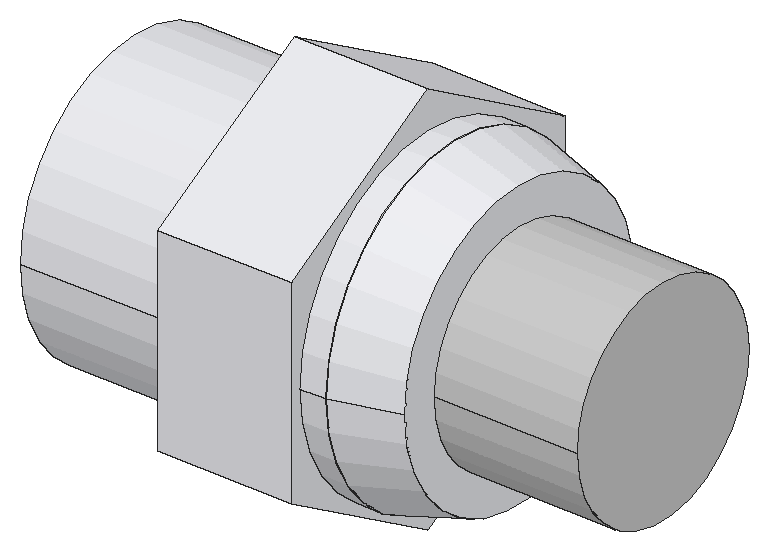
Revit family "PF_Соединение [фитинг полипропиленовый - переход на наружную резьбу VTp.701.0]1 - VALTEC", category Соединительные детали трубопроводов, Revit 2019
Family settings
  Размер круглого соединителя = Использовать диаметр
  Тип детали = Соединение
  На основе рабочей плоскости = Нет
  Всегда вертикально = Да
  При загрузке вырезать с полостями = Нет
  Общий = Нет
Parameters (values of type "VTp.701.0")
  Таблица = "PF_Соединение [фитинг полипропиленовый - переход на наружную резьбу VTp.701.0] - VALTEC"  # constant formula
  built-in parameter 1114238 [instance] = (empty or 0)
  Отразить [instance] = no
  Материал доп.1 = Хром - VALTEC
  Manufacturer = ""
  y2 [instance] = if(Отразить, 0 mm, l5)  # 13.5 mm
  y1 [instance] = if(Отразить, l5, 0 mm)  # 0 mm
  l9 [instance] = if(Отразить, l5, l1 + l2 + l3)  # 30 mm
  l8 [instance] = if(Отразить, l4 + l5, l1 + l2)  # 27.5 mm
  l7 [instance] = if(Отразить, l3 + l4 + l5, l1)  # 15 mm
  l6 [instance] = if(Отразить, l2 + l3 + l4 + l5, 0 mm)  # 0 mm
  l5 [instance] = size_lookup(Таблица, "l5", 0 mm, d)  # 13.5 mm
  l4 [instance] = size_lookup(Таблица, "l4", 0 mm, d)  # 6 mm
  l3 [instance] = size_lookup(Таблица, "l3", 0 mm, d)  # 2.5 mm
  l2 [instance] = size_lookup(Таблица, "l2", 0 mm, d)  # 12.5 mm
  l10 [instance] = if(Отразить, 0 mm, l1 + l2 + l3 + l4)  # 36 mm
  l1 [instance] = size_lookup(Таблица, "l1", 0 mm, d)  # 15 mm
  dn6 [instance] = if(Отразить, size_lookup(Таблица, "dn5", 0 mm, d), size_lookup(Таблица, "dn6", 0 mm, d))  # 26.8 mm
  dn5 [instance] = if(Отразить, size_lookup(Таблица, "dn6", 0 mm, d), size_lookup(Таблица, "dn5", 0 mm, d))  # 30.2 mm
  dn4 [instance] = size_lookup(Таблица, "dn4", 0 mm, d)  # 30.2 mm
  dn3 [instance] = size_lookup(Таблица, "dn3", 0 mm, d)  # 37 mm
  x2 [instance] = if(Отразить, d, 1 mm)  # 1 mm
  dn2 [instance] = size_lookup(Таблица, "dn2", 0 mm, d)  # 20 mm
  x1 [instance] = if(Отразить, 1 mm, d)  # 20 mm
  dn1 [instance] = size_lookup(Таблица, "dn1", 0 mm, d)  # 26.8 mm
  dt [instance] = size_lookup(Таблица, "dt", 0 mm, d)  # 3.4 mm
  d [instance] = 20 mm
  URL = "https://valtec.ru/"
  C [instance] = size_lookup(Таблица, "C", 0 mm, d)  # 15 mm
  B [instance] = size_lookup(Таблица, "B", 0 mm, d)  # 13.5 mm
  ADSK_Примечание [instance] = ""
  ADSK_Позиция [instance] = ""
  ADSK_Обозначение [instance] = "VTp.701.0"  # constant formula
  ADSK_Наименование [instance] = size_lookup(Таблица, "", "Данный типоразмер отсутствует", d)  # "Фитинг полипропиленовый с переходом на наружную резьбу 20 мм х 3/4\""
  ADSK_Материал = Пластик белый - VALTEC
  ADSK_Масса [instance] = size_lookup(Таблица, "Масса", 0, d)  # 0.079
  ADSK_Марка [instance] = size_lookup(Таблица, "Маркировка", "Данный типоразмер отсутствует", d)  # "20х3/4\""
  ADSK_Код изделия [instance] = size_lookup(Таблица, "Код продукта", "Данный типоразмер отсутствует", d)  # "VTp.701.0.02005"
  ADSK_Завод-изготовитель [instance] = "VALTEC"  # constant formula
  ADSK_Единица измерения [instance] = "шт."  # constant formula
  ADSK_URL страницы изделия = "https://valtec.ru/catalog/sistemy_polipropilenovyh_truboprovodov/polipropilenovye_fitingi/fiting_polipropilenovyj_s_perehodom_na_narujnuyu_rezbu_vtp7010.html"
  ADSK_URL документации изделия = "https://valtec.ru/document/technical/VTp.700-fitingi-0419.pdf"
  A [instance] = size_lookup(Таблица, "A", 0 mm, d)  # 49.5 mm
Reference planes
  plane 1 "По центру (Вперед/Назад)": y = 0
  plane 2: z = 0
  plane 3 "По центру (Влево/Вправо)": x = 0
  plane 4: y = -10
  plane 5: y = 10
  plane 6: y = -0.5
  plane 7: y = 0.5
  plane 8: x = -24.75
  plane 9: x = 24.75
  plane 10: x = -9.75
  plane 11: x = 2.75
  plane 12: x = 5.25
  plane 13: x = 5.25
  plane 14: x = 11.25
  plane 15: x = -24.75
  plane 16: x = -9.75
  plane 17: x = 11.25
  plane 18: x = 24.75
  plane 19: x = -24.75
  plane 20: x = 11.25
Forms (mm)
  Extrusion 1, solid, material "Пластик белый - VALTEC" <- "ADSK_Материал", detail levels medium+fine
    sketch origin (0, 0, 0) x (0, 1, 0) y (0, 0, 1)
      loop
        circle (0, 0) r 15.1
    from 5.25 to 2.75
  Blend 2, solid, material "Пластик белый - VALTEC" <- "ADSK_Материал", detail levels medium+fine
    base sketch origin (0, 0, 0) x (0, 1, 0) y (0, 0, 1)
      loop
        circle (0, 0) r 13.4
    top sketch origin (0, 0, 0) x (0, 1, 0) y (0, 0, 1)
      loop
        circle (0, 0) r 15.1
    from 11.25 to 5.25
  Extrusion 3, solid, material "Хром - VALTEC" <- "Материал доп.1", detail levels medium+fine
    sketch origin (119.799, 0, 0) x (0, 1, 0) y (0, 0, -1)
      loop
        circle (0, 0) r 10
    from 108.549 to 95.049
  Extrusion 4, solid, material "Пластик белый - VALTEC" <- "ADSK_Материал", detail levels medium+fine
    sketch origin (36, 0, 0) x (0, 1, 0) y (0, 0, -1)
      loop
        circle (0, 0) r 13.4
    from 45.75 to 60.75
Lines and regions (mm)
  model lines, detail levels coarse
    curve 1: line (11.25, 0.5, 0) -> (-24.75, 10, 0)
    curve 2: line (11.25, -0.5, 0) -> (-24.75, -10, 0)
    curve 3: line (11.25, 0.5, 0) -> (11.25, -0.5, 0)
    curve 4: line (-24.75, -10, 0) -> (-24.75, 10, 0)
  reference lines
    curve 5: line (-24.75, 0, 0) -> (11.25, 0, 0)
Dimensions and locks
  equal spacing: plane 5, plane 1 "По центру (Вперед/Назад)", plane 4
  "x1": plane 5 to plane 4
  equal spacing: plane 6, plane 1 "По центру (Вперед/Назад)", plane 7
  "x2": plane 6 to plane 7
  equal spacing: plane 8, plane 3 "По центру (Влево/Вправо)", plane 9
  "A": plane 8 to plane 9
  "l3": plane 11 to plane 12
  "l4": plane 13 to plane 14
  "l1": plane 15 to plane 16
  "l5": plane 17 to plane 18
  "l7": plane 8 to plane 10
  "l8": plane 8 to plane 11
  "l9": plane 8 to plane 13
  "l6": plane 8 to plane 15
  "l10": plane 8 to plane 17
  "y1": plane 8 to plane 19
  "y2": plane 20 to plane 9
  "dn4": diameter of Extrusion 1 sketch curve
  "dn6": diameter of Blend 2 sketch curve
  "dn5": diameter of Blend 2 sketch curve
  "dn2": diameter of Extrusion 3 sketch curve
  "dn1": diameter of Extrusion 4 sketch curve
  aligned and locked: level to plane 2
  aligned and locked: plane 2 to Extrusion 1 sketch curve
  aligned and locked: plane 1 "По центру (Вперед/Назад)" to Extrusion 1 sketch curve
  aligned and locked: nested 1 to plane 10
  aligned and locked: plane 1 "По центру (Вперед/Назад)" to nested 1
  aligned and locked: plane 2 to Blend 2 sketch curve
  aligned and locked: plane 1 "По центру (Вперед/Назад)" to Blend 2 sketch curve  (x2)
  aligned and locked: level to Blend 2 sketch curve
  aligned and locked: plane 12 to Extrusion 1
  aligned and locked: Extrusion 1 to plane 11
  aligned and locked: Blend 2 to plane 13
  aligned and locked: plane 14 to Blend 2
  aligned and locked: plane 2 to Extrusion 4 sketch curve
  aligned and locked: plane 1 "По центру (Вперед/Назад)" to Extrusion 4 sketch curve
  aligned and locked: plane 1 "По центру (Вперед/Назад)" to Extrusion 3 sketch curve
  aligned and locked: plane 2 to Extrusion 3 sketch curve
  aligned and locked: plane 7 to curve 3
  aligned and locked: plane 5 to curve 4
  aligned and locked: plane 4 to curve 4
  aligned and locked: plane 16 to Extrusion 4
  aligned and locked: plane 18 to Extrusion 3
  aligned and locked: Extrusion 3 to plane 17
  aligned and locked: plane 1 "По центру (Вперед/Назад)" to curve 5
  aligned and locked: plane 19 to curve 1
  aligned and locked: plane 5 to curve 1
  aligned and locked: plane 19 to curve 2
  aligned and locked: plane 4 to curve 2
  aligned and locked: plane 6 to curve 2
  aligned and locked: plane 20 to curve 2
  aligned and locked: curve 3 to plane 20
  aligned and locked: plane 20 to curve 5
  aligned and locked: plane 19 to curve 5
  aligned and locked: Extrusion 4 to plane 15
Automatic sketch dimensions
  curve 4 to plane 8 = 0 mm
Nested families
  nested 1: "гайка" at (-9.75, 0, 0) x (0, -1, 0) z (0, 0, 1), Материал 1 <- "ADSK_Материал", L <- "l2", d <- "dn3", type "гайка", detail levels medium+fine
    with Материал 1 Пластик белый - VALTEC, m 32.043 mm, d 37 mm, L 12.5 mm
Connectors
  piping at (-24.75, 0, 0), diameter 20, driven by "d"
    settings: on curve 5, index 1, connector inside diameter 609.6 mm, connector length 0 mm, flow factor 0, pipe flow 0.0 L/s, pressure drop 0.0 Pa, fitting loss kfactor 0, connector angle 0.00°, fixture units 0, engagement length 0 mm, angle of deflection 0.00°, flow configuration 0, flow direction 0, fitting loss method 0, system type 28, joint type 0, gender type 0, connector reference index 2, connector utility 0, adjustable connector no, is connector primary yes, connector description ""
  piping at (11.25, 0, 0), diameter 20
    settings: on curve 5, index 2, connector inside diameter 609.6 mm, connector length 0 mm, flow factor 0, pipe flow 0.0 L/s, pressure drop 0.0 Pa, fitting loss kfactor 0, connector angle 0.00°, fixture units 0, engagement length 0 mm, angle of deflection 0.00°, flow configuration 0, flow direction 0, fitting loss method 0, system type 28, joint type 0, gender type 0, connector reference index 1, connector utility 0, adjustable connector no, is connector primary no, connector description ""
Definition of nested family "гайка"
  Parameters (values of type "гайка")
    Материал 1 [instance] = none
    m [instance] = (d / 2) / (2 * tan(180.00° / 6)) * 2  # 12.99 mm
    d [instance] = 15 mm
    L [instance] = 15.008 mm
  Reference planes
    plane 1 "По центру (Вперед/Назад)": y = 0
    plane 2: z = 0
    plane 3 "По центру (Влево/Вправо)": x = 0
    plane 4: x = -6.495
    plane 5: x = 6.495
    plane 6: z = 7.5
    plane 7: z = -7.5
    plane 8: through (-4.434, -1524, 2.56) normal (0.5, 0, 0.866)
    plane 9: through (4.434, -1524, 2.56) normal (0.5, 0, -0.866)
    plane 10: through (-1.187, -1524, 8.185) normal (0.5, 0, 0.866)
    plane 11: through (-7.682, -1524, -3.065) normal (0.5, 0, 0.866)
    plane 12: through (1.187, -1524, 8.185) normal (0.5, 0, -0.866)
    plane 13: through (7.682, -1524, -3.065) normal (0.5, 0, -0.866)
    plane 14: y = 15.008
  Forms (mm)
    Extrusion 1, solid, material <- "Материал 1"
      sketch origin (0, 0, 0) x (1, 0, 0) y (0, 0, 1)
        loop
          line (0, 7.5) -> (-6.495, 3.75) -> (-6.495, -3.75) -> (0, -7.5) -> (6.495, -3.75) -> (6.495, 3.75) -> (0, 7.5)
      from -15.008 to 0
  Dimensions and locks
    equal spacing: plane 5, plane 3 "По центру (Влево/Вправо)", plane 4
    "m": plane 5 to plane 4
    equal spacing: plane 6, plane 2, plane 7
    "d": plane 6 to plane 7
    equal spacing: plane 12, plane 9, plane 13
    "m": plane 12 to plane 13
    equal spacing: plane 10, plane 8, plane 11
    "m": plane 10 to plane 11
    "L": plane 1 "По центру (Вперед/Назад)" to plane 14
    aligned and locked: level to plane 2
    aligned and locked: Extrusion 1 sketch curve to plane 4
    aligned and locked: plane 12 to Extrusion 1 sketch curve
    aligned and locked: plane 10 to Extrusion 1 sketch curve
    aligned and locked: Extrusion 1 sketch curve to plane 5
    aligned and locked: Extrusion 1 sketch curve to plane 13
    aligned and locked: Extrusion 1 sketch curve to plane 11
    aligned and locked: plane 1 "По центру (Вперед/Назад)" to Extrusion 1
    aligned and locked: plane 14 to Extrusion 1
